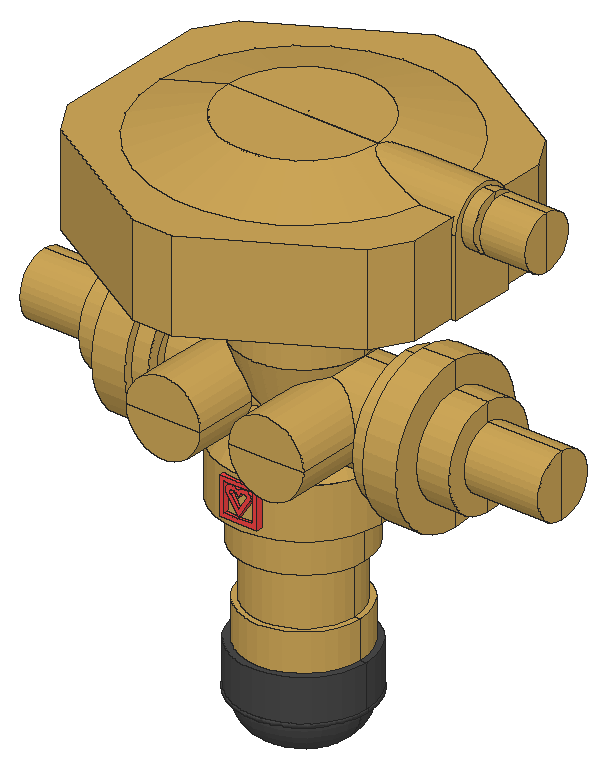
Revit family "Kombiventil 4006_R", category Rohrzubehör, Revit 2021
Family settings
  Bemaßung runder Anschluss = Durchmesser verwenden
  Teiletyp = Unterbricht
  OmniClass-Nummer = 23.65.55.14
  OmniClass-Titel = Valves for Liquid Services
  Arbeitsebenenbasiert = Nein
  Immer vertikal = Ja
  Beim Laden mit Abzugskörper schneiden = Nein
  Gemeinsam genutzt = Nein
Parameters
  kvs-Wert [instance] = if(Nennweite = 15.000 mm, 1.01, if(Nennweite = 20.000 mm, 2, if(Nennweite = 25.000 mm, 3.26, if(Nennweite = 32.000 mm, 5.59, if(Nennweite = 40.000 mm, 9.49, if(Nennweite = 50.000 mm, 9.17, 0))))))  # 1.01
  Vorgabe-Ansicht = 0.000 mm
  Min. Betriebstemperatur (Frostschutz) = -20 °C  # constant formula
  Max. Betriebstemperatur bis DN32 = 130 °C  # constant formula
  Max. Betriebstemperatur ab DN40 = 110 °C  # constant formula
  Max. Betriebsdruck = 1600000.0 Pa  # constant formula
  VRL04 = 8.000 mm  # constant formula
  VRL03 [instance] = L01 + 4.000 mm  # 12.000 mm
  VRL02 = 18.000 mm  # constant formula
  VRL01 [instance] = size_lookup("4006R_", "VRL1", 30.000 mm, Nennweite)  # 30.000 mm
  URL = "www.herz-armaturen.at"
  Stift = "Edelstahl 14301"  # constant formula
  SCRNSEQ = "ARM;ARM_TYP=\"DURR\";2"
  SCRNCODE = "05;04;02"  # constant formula
  S05 [instance] = VRL01  # 30.000 mm
  S04 [instance] = H08 + (S03 / 2)  # 45.750 mm
  S03 [instance] = H09 + 4.700 mm  # 26.500 mm
  S02 [instance] = VRD01 * 2  # 36.400 mm
  S01 [instance] = 10.000 mm  # constant formula
  R12 = 3.900 mm  # constant formula
  R11 = 6.500 mm  # constant formula
  R10 = 35.000 mm  # constant formula
  R09 = 18.250 mm  # constant formula
  R08 = 11.300 mm  # constant formula
  R07 [instance] = size_lookup("4006R_", "R7", 17.300 mm, Nennweite)  # 17.300 mm
  R06 [instance] = size_lookup("4006R_", "R6", 19.000 mm, Nennweite)  # 19.000 mm
  R05 = 15.000 mm  # constant formula
  R04 = 12.500 mm  # constant formula
  R02 [instance] = size_lookup("4006R_", "R2", 15.000 mm, Nennweite)  # 15.000 mm
  R01 [instance] = size_lookup("4006R_", "R1", 11.500 mm, Nennweite)  # 11.500 mm
  PN = 16  # constant formula
  O-Ringe = "EPDM"  # constant formula
  Nennweite [instance] = 15.000 mm
  Min. Betriebstemperatur (reines Wasser) = 2 °C  # constant formula
  Membrangehäuse = "Messing CW602N"  # constant formula
  Membrane = "EPDM"  # constant formula
  Medium = "Heizungswasserqualität nach ÖNORM H 5195 oder VDI-Richtline 2035.\r\nDie Verwendung von Ethylen- oder\nPropylenglykol in einem Mischungsverhältnis 25 - 50% ist zulässig."
  L06 [instance] = L00 / 2  # 33.000 mm
  L05 = 11.000 mm  # constant formula
  L04 = 1.500 mm  # constant formula
  L03 = 3.200 mm  # constant formula
  L02 = 43.500 mm  # constant formula
  L01 [instance] = size_lookup("4006R_", "L1", 8.000 mm, Nennweite)  # 8.000 mm
  L00 [instance] = size_lookup("4006R_", "L", 66.000 mm, Nennweite)  # 66.000 mm
  Impulsleitung = "Kupfer Cu-DHP (CW024A)"  # constant formula
  Hub = 4.000 mm  # constant formula
  Hersteller = "HERZ Armaturen Ges.m.b.H."  # constant formula
  H13 [instance] = H02 - H05 - H03 - H04 - 2.000 mm  # 21.700 mm
  H12 = 19.250 mm  # constant formula
  H11 [instance] = size_lookup("4006R_", "H11", 59.000 mm, Nennweite)  # 59.000 mm
  H10 [instance] = H08 + H09  # 54.300 mm
  H09 = 21.800 mm  # constant formula
  H08 [instance] = H01 + H06 + H07  # 32.500 mm
  H07 = 4.000 mm  # constant formula
  H06 [instance] = size_lookup("4006R_", "H6", 10.000 mm, Nennweite)  # 10.000 mm
  H05 = 9.000 mm  # constant formula
  H04 [instance] = size_lookup("4006R_", "H4", 9.600 mm, Nennweite)  # 9.600 mm
  H03 [instance] = size_lookup("4006R_", "H3", 13.000 mm, Nennweite)  # 13.000 mm
  H02 [instance] = size_lookup("4006R_", "H2", 55.300 mm, Nennweite)  # 55.300 mm
  H01 [instance] = size_lookup("4006R_", "H1", 18.500 mm, Nennweite)  # 18.500 mm
  Gehäuse = "DZR Messing CC770S"  # constant formula
  VRG03 [instance] = Nennweite / 2  # 7.500 mm
  G02 [instance] = size_lookup("4006R_", "G2", 13.900 mm, Nennweite)  # 13.900 mm
  G01 [instance] = size_lookup("4006R_", "G1", 13.200 mm, Nennweite)  # 13.200 mm
  Durchfluss bei Einstellung 100% [instance] = if(Nennweite = 15.000 mm, 0.12 L/s, if(Nennweite = 20.000 mm, 0.25 L/s, if(Nennweite = 25.000 mm, 0.53 L/s, if(Nennweite = 32.000 mm, 0.69 L/s, if(Nennweite = 40.000 mm, 1.44 L/s, if(Nennweite = 50.000 mm, 1.34 L/s, 0.0 L/s))))))  # 0.12 L/s
  Druckfeder = "Federstahl"  # constant formula
  DN50 [instance] = Nennweite = 50.000 mm  # no
  DN40 [instance] = Nennweite = 40.000 mm  # no
  DN32 [instance] = Nennweite = 32.000 mm  # no
  DN25 [instance] = Nennweite = 25.000 mm  # no
  DN20 [instance] = Nennweite = 20.000 mm  # no
  DN15 [instance] = Nennweite = 15.000 mm  # yes
  VRD03 [instance] = VRG03 + 4.500 mm  # 12.000 mm
  VRD02 [instance] = G01 + 3.000 mm  # 16.200 mm
  VRD01 [instance] = G01 + 5.000 mm  # 18.200 mm
  Bestellnummer Verschraubung [instance] = size_lookup("4006R_", "Vrnr", 0, Nennweite)  # 1621011
  Bestellnummer [instance] = size_lookup("4006R_", "Artnr", 0, Nennweite)  # 1400641
  Bauschutzkappe = "Kunststoff"  # constant formula
  Anwendungsgebiet = "Das Kombiventil wird in allen pumpenbetriebenen Heiz- und Kühlanlagen eingesetzt. Der Regler begrenzt automatisch\r\nden Volumenstrom im gewählten Anlagenteil auf den einmal eingestellten Wert, indem alle Druckschwankungen\r\ngemessen und ausgeregelt werden. Somit sind keine Messungen erforderlich und die Regelung ist bei allen\r\nBetriebsbedingungen effektiv. Das Kombiventil regelt den Volumenstrom der ventileigenen Voreinstellung auf einen\r\nkonstanten Wert; die Membran regelt aufgrund des Druckes unmittelbar nach dem Regeleinsatz, sowie des Druckes\r\ndavor."
Reference planes
  plane 1 "Mitte (Vorne/hinten)": y = 0
  plane 2: z = 0
  plane 3 "Mitte (Links/rechts)": x = 0
Forms (mm)
  Revolve 1, solid, material "Messing, weicher Gelbton, geschweißt", detail levels fine
    sketch origin (0, 0, 0) x (1, 0, 0) y (0, 0, 1)
      loop
        line (-33, 0) -> (33, 0) -> (33, 13.2) -> (25, 13.2) -> (25, 11.5) -> (-25, 11.5) -> (-25, 13.2) -> (-33, 13.2) -> (-33, 0)
      axis (-33, 0) -> (33, 0)
    angle from 0 to 360
  Revolve 2, solid, material "Messing, weicher Gelbton, geschweißt", detail levels fine
    sketch origin (0, 0, 0) x (1, 0, 0) y (0, 0, 1)
      loop
        line (0, -55.3) -> (0, 18.5) -> (-15, 18.5) -> (-15, 11.5) -> (-11.5, 0) -> (-19, -11.5) -> (-19, -23.7) -> (-15, -23.7) -> (-15, -33.3) -> (-12.5, -33.3) -> (-12.5, -46.3) -> (-13.9, -46.3) -> (-13.9, -55.3) -> (0, -55.3)
      axis (0, 18.5) -> (0, -55.3)
    angle from 0 to 360
  Revolve 3, solid, material "Messing, weicher Gelbton, geschweißt", detail levels fine
    sketch origin (0, 0, 0) x (1, 0, 0) y (0, 0, 1)
      loop
        line (0, 18.5) -> (0, 32.5) -> (-11.3, 32.5) -> (-11.3, 28.5) -> (-17.3, 28.5) -> (-17.3, 18.5) -> (0, 18.5)
      axis (0, 32.5) -> (0, 18.5)
    angle from 0 to 360
  Extrusion 4, solid, material "Messing, weicher Gelbton, geschweißt", detail levels fine
    sketch origin (0, 0, 0) x (0, -1, 0) y (1, 0, 0)
      loop
        line (-46, -4.75) -> (-27.114, -37.462) -> (-18.886, -42.212) -> (18.886, -42.212) -> (27.114, -37.462) -> (46, -4.75) -> (46, 4.75) -> (27.114, 37.462) -> (18.886, 42.212) -> (-18.886, 42.212) -> (-27.114, 37.462) -> (-46, 4.75) -> (-46, -4.75)
    from 32.5 to 54.3
  Revolve 5, solid, material "Messing, weicher Gelbton, geschweißt", detail levels fine
    sketch origin (0, 0, 0) x (1, 0, 0) y (0, 0, 1)
      loop
        line (0, 54.3) -> (0, 59) -> (-18.25, 59) -> (-35, 54.3) -> (0, 54.3)
      axis (0, 59) -> (0, 54.3)
    angle from 0 to 360
  Extrusion 6, solid, material "Messing, weicher Gelbton, geschweißt", detail levels fine
    sketch origin (0, 0, 0) x (0, 1, 0) y (0, 0, 1)
      loop
        arc (7.85, 51.15) -> (0, 59) -> (-7.85, 51.15) r 7.85
        line (-7.85, 51.15) -> (-7.85, 32.5) -> (7.85, 32.5) -> (7.85, 51.15)
    from 0 to 43.5
  Revolve 7, solid, material "Messing, weicher Gelbton, geschweißt", detail levels fine
    sketch origin (0, 0, 0) x (1, 0, 0) y (0, 0, 1)
      loop
        line (43.5, 51.75) -> (59.2, 51.75) -> (59.2, 58.25) -> (48.2, 58.25) -> (48.2, 55.65) -> (46.7, 55.65) -> (46.7, 58.25) -> (43.5, 58.25) -> (43.5, 51.75)
      axis (43.5, 51.75) -> (59.2, 51.75)
    angle from 0 to 360
  Revolve 8, solid, material "Messing, weicher Gelbton, geschweißt", visible <- "DN15", detail levels fine
    sketch origin (0, 0, 0) x (1, 0, 0) y (0, 1, 0)
      loop
        line (-12.5, 24) -> (-20.2, 24) -> (-20.2, 0) -> (-21.5, 0) -> (-21.5, -27) -> (-12.5, -27) -> (-12.5, 24)
      axis (-12.5, 24) -> (-12.5, -27)
    angle from 0 to 360
  Revolve 9, solid, material "Messing, weicher Gelbton, geschweißt", visible <- "DN15", detail levels fine
    sketch origin (-12.5, 0, 0) x (0, 1, 0) y (0, 0, 1)
      loop
        line (24, 0) -> (39.7, 0) -> (39.7, 6.5) -> (28.7, 6.5) -> (28.7, 3.9) -> (27.2, 3.9) -> (27.2, 6.5) -> (24, 6.5) -> (24, 0)
      axis (24, 0) -> (39.7, 0)
    angle from 0 to 360
  Revolve 10, solid, material "Messing, weicher Gelbton, geschweißt", visible <- "DN15", detail levels fine
    sketch origin (0, 0, 0) x (1, 0, 0) y (0, 1, 0)
      loop
        line (12.5, 0) -> (12.5, -27) -> (21.6, -27) -> (21.6, 0) -> (12.5, 0)
      axis (12.5, 0) -> (12.5, -27)
    angle from 0 to 360
  Revolve 11, solid, material "Messing, weicher Gelbton, geschweißt", visible <- "DN20", detail levels fine
    sketch origin (-2, 0, 0) x (1, 0, 0) y (0, 1, 0)
      loop
        line (-12.5, 27) -> (-20.2, 27) -> (-20.2, 0) -> (-21.5, 0) -> (-21.5, -29) -> (-12.5, -29) -> (-12.5, 27)
      axis (-12.5, 27) -> (-12.5, -29)
    angle from 0 to 360
  Revolve 12, solid, material "Messing, weicher Gelbton, geschweißt", visible <- "DN20", detail levels fine
    sketch origin (2, 0, 0) x (1, 0, 0) y (0, 1, 0)
      loop
        line (12.5, 0) -> (12.5, -29) -> (21.6, -29) -> (21.6, 0) -> (12.5, 0)
      axis (12.5, 0) -> (12.5, -29)
    angle from 0 to 360
  Revolve 13, solid, material "Messing, weicher Gelbton, geschweißt", visible <- "DN20", detail levels fine
    sketch origin (-14.5, 3, 0) x (0, 1, 0) y (0, 0, 1)
      loop
        line (24, 0) -> (39.7, 0) -> (39.7, 6.5) -> (28.7, 6.5) -> (28.7, 3.9) -> (27.2, 3.9) -> (27.2, 6.5) -> (24, 6.5) -> (24, 0)
      axis (24, 0) -> (39.7, 0)
    angle from 0 to 360
  Revolve 14, solid, material "Messing, weicher Gelbton, geschweißt", visible <- "DN25", detail levels fine
    sketch origin (-2.1, 0, 0) x (1, 0, 0) y (0, 1, 0)
      loop
        line (-12.5, 27) -> (-20.2, 27) -> (-20.2, 0) -> (-21.5, 0) -> (-21.5, -29) -> (-12.5, -29) -> (-12.5, 27)
      axis (-12.5, 27) -> (-12.5, -29)
    angle from 0 to 360
  Revolve 15, solid, material "Messing, weicher Gelbton, geschweißt", visible <- "DN25", detail levels fine
    sketch origin (-14.6, 3, 0) x (0, 1, 0) y (0, 0, 1)
      loop
        line (24, 0) -> (39.7, 0) -> (39.7, 6.5) -> (28.7, 6.5) -> (28.7, 3.9) -> (27.2, 3.9) -> (27.2, 6.5) -> (24, 6.5) -> (24, 0)
      axis (24, 0) -> (39.7, 0)
    angle from 0 to 360
  Revolve 16, solid, material "Messing, weicher Gelbton, geschweißt", visible <- "DN25", detail levels fine
    sketch origin (2.1, 0, 0) x (1, 0, 0) y (0, 1, 0)
      loop
        line (12.5, 0) -> (12.5, -29) -> (21.6, -29) -> (21.6, 0) -> (12.5, 0)
      axis (12.5, 0) -> (12.5, -29)
    angle from 0 to 360
  Revolve 17, solid, material "Messing, weicher Gelbton, geschweißt", visible <- "DN32", detail levels fine
    sketch origin (0, 0, 0.637) x (1, 0, 0) y (0, 0, 1)
      loop
        line (-31.5, -0.637) -> (-40.5, -0.637) -> (-40.5, -43.437) -> (-31.5, -43.437) -> (-31.5, -0.637)
      axis (-31.5, -43.437) -> (-31.5, -0.637)
    angle from 0 to 360
  Revolve 18, solid, material "Messing, weicher Gelbton, geschweißt", visible <- "DN32", detail levels fine
    sketch origin (0, 0, 0.637) x (-1, 0, 0) y (0, 0, 1)
      loop
        line (-31.5, -0.637) -> (-40.5, -0.637) -> (-40.5, -43.437) -> (-31.5, -43.437) -> (-31.5, -0.637)
      axis (-31.5, -43.437) -> (-31.5, -0.637)
    angle from 0 to 360
  Revolve 19, solid, material "Messing, weicher Gelbton, geschweißt", visible <- "DN40", detail levels fine
    sketch origin (0, 0, 0) x (1, 0, 0) y (0, 0, 1)
      loop
        line (-37, 0) -> (-46, 0) -> (-46, -54.2) -> (-37, -54.2) -> (-37, 0)
      axis (-37, 0) -> (-37, -54.2)
    angle from 0 to 360
  Revolve 20, solid, material "Messing, weicher Gelbton, geschweißt", visible <- "DN40", detail levels fine
    sketch origin (0, 0, 0) x (-1, 0, 0) y (0, 0, 1)
      loop
        line (-37, 0) -> (-46, 0) -> (-46, -54.2) -> (-37, -54.2) -> (-37, 0)
      axis (-37, 0) -> (-37, -54.2)
    angle from 0 to 360
  Revolve 21, solid, material "Messing, weicher Gelbton, geschweißt", visible <- "DN50", detail levels fine
    sketch origin (-0.1, 0, 0) x (1, 0, 0) y (0, 0, 1)
      loop
        line (-37, 0) -> (-46, 0) -> (-46, -54.2) -> (-37, -54.2) -> (-37, 0)
      axis (-37, 0) -> (-37, -54.2)
    angle from 0 to 360
  Revolve 22, solid, material "Messing, weicher Gelbton, geschweißt", visible <- "DN50", detail levels fine
    sketch origin (0.1, 0, 0) x (-1, 0, 0) y (0, 0, 1)
      loop
        line (-37, 0) -> (-46, 0) -> (-46, -54.2) -> (-37, -54.2) -> (-37, 0)
      axis (-37, 0) -> (-37, -54.2)
    angle from 0 to 360
  Revolve 23, solid, material "Messing, weicher Gelbton, geschweißt", detail levels fine
    sketch origin (-97.028, 0, 0) x (1, 0, 0) y (0, 0, 1)
      loop
        line (130.028, 0) -> (160.028, 0) -> (160.028, 7.5) -> (142.028, 7.5) -> (142.028, 12) -> (134.028, 12) -> (134.028, 18.2) -> (126.028, 18.2) -> (126.028, 16.2) -> (122.028, 16.2) -> (122.028, 13.2) -> (130.028, 13.2) -> (130.028, 0)
      axis (122.028, 0) -> (160.028, 0)
    angle from 0 to 360
  Revolve 24, solid, material "Messing, weicher Gelbton, geschweißt", detail levels fine
    sketch origin (97.028, 0, 0) x (-1, 0, 0) y (0, 0, 1)
      loop
        line (130.028, 0) -> (160.028, 0) -> (160.028, 7.5) -> (142.028, 7.5) -> (142.028, 12) -> (134.028, 12) -> (134.028, 18.2) -> (126.028, 18.2) -> (126.028, 16.2) -> (122.028, 16.2) -> (122.028, 13.2) -> (130.028, 13.2) -> (130.028, 0)
      axis (122.028, 0) -> (160.028, 0)
    angle from 0 to 360
  Revolve 25, solid, material "Messing, weicher Gelbton, geschweißt", visible <- "DN32", detail levels fine
    sketch origin (-9.5, 0, 0) x (1, 0, 0) y (0, 1, 0)
      loop
        line (-12.5, -31) -> (-12.5, 0) -> (-20.2, 0) -> (-20.2, -31) -> (-12.5, -31)
      axis (-12.5, 0) -> (-12.5, -31)
    angle from 0 to 360
  Revolve 26, solid, material "Messing, weicher Gelbton, geschweißt", visible <- "DN32", detail levels fine
    sketch origin (-22, -7, 0) x (0, -1, 0) y (0, 0, -1)
      loop
        line (24, 0) -> (24, -6.5) -> (27.2, -6.5) -> (27.2, -3.9) -> (28.7, -3.9) -> (28.7, -6.5) -> (39.7, -6.5) -> (39.7, 0) -> (24, 0)
      axis (24, 0) -> (39.7, 0)
    angle from 0 to 360
  Revolve 27, solid, material "Messing, weicher Gelbton, geschweißt", visible <- "DN40", detail levels fine
    sketch origin (-17.5, 0, 0) x (1, 0, 0) y (0, 1, 0)
      loop
        line (-12.5, -39.5) -> (-12.5, 0) -> (-20.2, 0) -> (-20.2, -39.5) -> (-12.5, -39.5)
      axis (-12.5, 0) -> (-12.5, -39.5)
    angle from 0 to 360
  Revolve 28, solid, material "Messing, weicher Gelbton, geschweißt", visible <- "DN40", detail levels fine
    sketch origin (-30, -15.5, 0) x (0, -1, 0) y (0, 0, -1)
      loop
        line (24, 0) -> (24, -6.5) -> (27.2, -6.5) -> (27.2, -3.9) -> (28.7, -3.9) -> (28.7, -6.5) -> (39.7, -6.5) -> (39.7, 0) -> (24, 0)
      axis (24, 0) -> (39.7, 0)
    angle from 0 to 360
  Revolve 29, solid, material "Messing, weicher Gelbton, geschweißt", visible <- "DN50", detail levels fine
    sketch origin (-17.6, 0, 0) x (1, 0, 0) y (0, 1, 0)
      loop
        line (-12.5, -39.5) -> (-12.5, 0) -> (-20.2, 0) -> (-20.2, -39.5) -> (-12.5, -39.5)
      axis (-12.5, 0) -> (-12.5, -39.5)
    angle from 0 to 360
  Revolve 30, solid, material "Messing, weicher Gelbton, geschweißt", visible <- "DN50", detail levels fine
    sketch origin (-30.1, -15.5, 0) x (0, -1, 0) y (0, 0, -1)
      loop
        line (24, 0) -> (24, -6.5) -> (27.2, -6.5) -> (27.2, -3.9) -> (28.7, -3.9) -> (28.7, -6.5) -> (39.7, -6.5) -> (39.7, 0) -> (24, 0)
      axis (24, 0) -> (39.7, 0)
    angle from 0 to 360
Lines and regions (mm)
  model lines, detail levels coarse+medium
    curve 1: line (33, -18.2, 0) -> (33, 18.2, 0)
    curve 2: line (33, 18.2, 0) -> (-33, -18.2, 0)
    curve 3: line (-33, -18.2, 0) -> (-33, 18.2, 0)
    curve 4: line (-33, 18.2, 0) -> (33, -18.2, 0)
    curve 5: line (0, -18.5, 0) -> (0, -32.5, 0)
    curve 6: spline (-43.5, -45.75, 0) -> (-42.018, -42.321, 0) -> (-37.672, -39.125, 0) -> (-30.759, -36.381, 0) -> (-21.75, -34.275, 0) -> (-11.259, -32.951, 0) -> (0, -32.5, 0) -> (11.259, -32.951, 0) -> (21.75, -34.275, 0) -> (30.759, -36.381, 0) -> (37.672, -39.125, 0) -> (42.018, -42.321, 0) -> (43.5, -45.75, 0) -> (42.018, -49.179, 0) -> (37.672, -52.375, 0) -> (30.759, -55.119, 0) -> (21.75, -57.225, 0) -> (11.259, -58.549, 0) -> (0, -59, 0) -> (-11.259, -58.549, 0) -> (-21.75, -57.225, 0) -> (-30.759, -55.119, 0) -> (-37.672, -52.375, 0) -> (-42.018, -49.179, 0) -> (-43.5, -45.75, 0)
    curve 7: line (-33, 0, 18.2) -> (-33, 0, -18.2)
    curve 8: line (-33, 0, -18.2) -> (33, 0, 18.2)
    curve 9: line (33, 0, 18.2) -> (33, 0, -18.2)
    curve 10: line (33, 0, -18.2) -> (-33, 0, 18.2)
    curve 11: line (0, 0, 18.5) -> (0, 0, 32.5)
    curve 12: spline (-43.5, 0, 45.75) -> (-42.018, 0, 49.179) -> (-37.672, 0, 52.375) -> (-30.759, 0, 55.119) -> (-21.75, 0, 57.225) -> (-11.259, 0, 58.549) -> (0, 0, 59) -> (11.259, 0, 58.549) -> (21.75, 0, 57.225) -> (30.759, 0, 55.119) -> (37.672, 0, 52.375) -> (42.018, 0, 49.179) -> (43.5, 0, 45.75) -> (42.018, 0, 42.321) -> (37.672, 0, 39.125) -> (30.759, 0, 36.381) -> (21.75, 0, 34.275) -> (11.259, 0, 32.951) -> (0, 0, 32.5) -> (-11.259, 0, 32.951) -> (-21.75, 0, 34.275) -> (-30.759, 0, 36.381) -> (-37.672, 0, 39.125) -> (-42.018, 0, 42.321) -> (-43.5, 0, 45.75)
    curve 13: line (0, 0, 18.5) -> (-18.176, 0, 10.024)
    curve 14: line (0, 0, 18.5) -> (17.801, 0, 9.818)
    curve 15: line (33, 0, 18.2) -> (43, 0, 18.2)
    curve 16: line (43, 0, 18.2) -> (33, 0, 0)
    curve 17: line (33, 0, -18.2) -> (43, 0, -18.2)
    curve 18: line (43, 0, -18.2) -> (33, 0, 0)
    curve 19: line (-33, 0, 18.2) -> (-43, 0, 18.2)
    curve 20: line (-43, 0, 18.2) -> (-33, 0, 0)
    curve 21: line (-33, 0, -18.2) -> (-43, 0, -18.2)
    curve 22: line (-43, 0, -18.2) -> (-33, 0, 0)
    curve 23: line (33, 0, 0) -> (63, 0, 0)
    curve 24: line (-33, 0, 0) -> (-63, 0, 0)
    curve 25: line (0, -18.5, 0) -> (-16.5, -9.1, 0)
    curve 26: line (0, -18.5, 0) -> (16.5, -9.1, 0)
    curve 27: line (33, 18.2, 0) -> (43, 18.2, 0)
    curve 28: line (43, 18.2, 0) -> (33, 0, 0)
    curve 29: line (33, -18.2, 0) -> (43, -18.2, 0)
    curve 30: line (43, -18.2, 0) -> (33, 0, 0)
    curve 31: line (-33, 18.2, 0) -> (-43, 18.2, 0)
    curve 32: line (-43, 18.2, 0) -> (-33, 0, 0)
    curve 33: line (-33, -18.2, 0) -> (-43, -18.2, 0)
    curve 34: line (-43, -18.2, 0) -> (-33, 0, 0)
Dimensions and locks
  equal spacing: Revolve 1 sketch curve, plane 3 "Mitte (Links/rechts)", Revolve 1 sketch curve
  "L00": Revolve 1 sketch curve to Revolve 1 sketch curve
  "G01": Revolve 1 sketch curve to Revolve 1 sketch curve  (x2)
  "R01": Revolve 1 sketch curve to Revolve 1 sketch curve
  "L01": Revolve 1 sketch curve to Revolve 1 sketch curve  (x2)
  "H01": Revolve 2 sketch curve to plane 2
  "R01": Revolve 2 sketch curve to plane 2
  "R02": Revolve 2 sketch curve to Revolve 2 sketch curve
  "R01": Revolve 2 sketch curve to Revolve 2 sketch curve
  "H02": plane 2 to Revolve 2 sketch curve
  "G02": plane 3 "Mitte (Links/rechts)" to Revolve 2 sketch curve
  "H05": Revolve 2 sketch curve to Revolve 2 sketch curve
  "R04": Revolve 2 sketch curve to Revolve 2 sketch curve
  "R05": Revolve 2 sketch curve to Revolve 2 sketch curve
  "R06": Revolve 2 sketch curve to Revolve 2 sketch curve
  "R01": plane 2 to Revolve 2 sketch curve
  "H03": Revolve 2 sketch curve to Revolve 2 sketch curve
  "H04": Revolve 2 sketch curve to Revolve 2 sketch curve
  "H01": Revolve 3 sketch curve to plane 2
  "H06": Revolve 3 sketch curve to Revolve 3 sketch curve
  "R07": Revolve 3 sketch curve to Revolve 3 sketch curve
  "H07": Revolve 3 sketch curve to Revolve 3 sketch curve
  "R08": Revolve 3 sketch curve to Revolve 3 sketch curve
  "H08": Extrusion 4 to plane 2
  "H09": Extrusion 4 to Extrusion 4
  "H10": Revolve 5 sketch curve to plane 2
  "H11": Revolve 5 sketch curve to plane 2
  "R09": Revolve 5 sketch curve to Revolve 5 sketch curve
  "R10": Revolve 5 sketch curve to Revolve 5 sketch curve
  "L02": Extrusion 6 to plane 3 "Mitte (Links/rechts)"
  "H08": Extrusion 6 to plane 2
  "H12": Revolve 7 sketch curve to Extrusion 4
  "R11": Revolve 7 sketch curve to Revolve 7 sketch curve  (x2)
  "L03": Revolve 7 sketch curve to Revolve 7 sketch curve
  "L04": Revolve 7 sketch curve to Revolve 7 sketch curve
  "L05": Revolve 7 sketch curve to Revolve 7 sketch curve
  "R12": Revolve 7 sketch curve to Revolve 7 sketch curve
  "R11": Revolve 9 sketch curve to Revolve 9 sketch curve  (x2)
  "L03": Revolve 9 sketch curve to Revolve 9 sketch curve
  "L04": Revolve 9 sketch curve to Revolve 9 sketch curve
  "L05": Revolve 9 sketch curve to Revolve 9 sketch curve
  "R12": Revolve 9 sketch curve to Revolve 9 sketch curve
  "R06": plane 1 "Mitte (Vorne/hinten)" to nested 1
  Revolve 11 sketch curve to plane 1 "Mitte (Vorne/hinten)" = 29.000 mm
  plane 1 "Mitte (Vorne/hinten)" to Revolve 11 sketch curve = 27.000 mm
  Revolve 12 sketch curve to plane 1 "Mitte (Vorne/hinten)" = 29.000 mm
  "R11": Revolve 13 sketch curve to Revolve 13 sketch curve  (x2)
  "L03": Revolve 13 sketch curve to Revolve 13 sketch curve
  "L04": Revolve 13 sketch curve to Revolve 13 sketch curve
  "L05": Revolve 13 sketch curve to Revolve 13 sketch curve
  "R12": Revolve 13 sketch curve to Revolve 13 sketch curve
  "H13": plane 2 to nested 1
  "R11": Revolve 15 sketch curve to Revolve 15 sketch curve  (x2)
  "L03": Revolve 15 sketch curve to Revolve 15 sketch curve
  "L04": Revolve 15 sketch curve to Revolve 15 sketch curve
  "L05": Revolve 15 sketch curve to Revolve 15 sketch curve
  "R12": Revolve 15 sketch curve to Revolve 15 sketch curve
  plane 3 "Mitte (Links/rechts)" to Revolve 17 sketch curve = 31.500 mm
  Revolve 17 sketch curve to Revolve 17 sketch curve = 9.000 mm
  plane 2 to Revolve 17 sketch curve = 42.800 mm
  Revolve 18 sketch curve to Revolve 18 sketch curve = 9.000 mm
  "VRL01": Revolve 23 sketch curve to Revolve 23 sketch curve
  "L01": Revolve 23 sketch curve to Revolve 23 sketch curve
  "G01": Revolve 23 sketch curve to plane 2
  "VRD02": Revolve 23 sketch curve to plane 2
  "VRD01": Revolve 23 sketch curve to plane 2
  "VRG03": Revolve 23 sketch curve to Revolve 23 sketch curve
  "VRL02": Revolve 23 sketch curve to Revolve 23 sketch curve
  "VRD03": Revolve 23 sketch curve to Revolve 23 sketch curve
  "VRL03": Revolve 23 sketch curve to Revolve 23 sketch curve
  "VRL04": Revolve 23 sketch curve to Revolve 23 sketch curve
  "L06": plane 3 "Mitte (Links/rechts)" to Revolve 23 sketch curve
  "VRL01": Revolve 24 sketch curve to Revolve 24 sketch curve
  "L01": Revolve 24 sketch curve to Revolve 24 sketch curve
  "VRG03": Revolve 24 sketch curve to Revolve 24 sketch curve
  "VRL02": Revolve 24 sketch curve to Revolve 24 sketch curve
  "VRD03": Revolve 24 sketch curve to Revolve 24 sketch curve
  "VRL03": Revolve 24 sketch curve to Revolve 24 sketch curve
  "VRL04": Revolve 24 sketch curve to Revolve 24 sketch curve
  "L06": Revolve 24 sketch curve to plane 3 "Mitte (Links/rechts)"
  "H02": plane 2 to nested 2
  "L00": curve 3 to curve 1
  "S02": curve 3 to curve 4
  "S02": curve 4 to curve 2
  equal spacing: curve 3, plane 3 "Mitte (Links/rechts)", curve 1
  equal spacing: curve 3, plane 1 "Mitte (Vorne/hinten)", curve 4
  equal spacing: curve 4, plane 1 "Mitte (Vorne/hinten)", curve 2
  "H08": curve 5 to plane 1 "Mitte (Vorne/hinten)"
  "S04": curve 6 to plane 1 "Mitte (Vorne/hinten)"
  "S03": curve 6 to curve 6
  "L02": curve 6 to plane 3 "Mitte (Links/rechts)" to curve 6
  "S02": curve 10 to curve 8
  "S02": curve 9 to curve 10
  equal spacing: curve 10, plane 2, curve 8
  equal spacing: curve 9, plane 2, curve 10
  "L00": curve 7 to curve 9
  equal spacing: curve 7, plane 3 "Mitte (Links/rechts)", curve 9
  "H08": curve 11 to plane 2
  "S03": curve 12 to curve 12
  "L02": curve 12 to plane 3 "Mitte (Links/rechts)" to curve 12
  "H01": curve 14 to plane 2
  "S01": curve 9 to curve 16
  "S01": curve 9 to curve 18
  "S01": curve 20 to curve 7
  "S01": curve 22 to curve 7
  "S05": curve 23 to Revolve 23
  "S05": Revolve 24 to curve 24
  equal spacing: curve 3, curve 25, plane 3 "Mitte (Links/rechts)"
  equal spacing: plane 3 "Mitte (Links/rechts)", curve 26, curve 1
  "H01": curve 26 to plane 1 "Mitte (Vorne/hinten)"
  "S01": curve 1 to curve 28
  "S01": curve 1 to curve 30
  "S01": curve 32 to curve 3
  "S01": curve 34 to curve 3
  "R11": Revolve 26 sketch curve to Revolve 26 sketch curve  (x2)
  "L03": Revolve 26 sketch curve to Revolve 26 sketch curve
  "L04": Revolve 26 sketch curve to Revolve 26 sketch curve
  "L05": Revolve 26 sketch curve to Revolve 26 sketch curve
  "R12": Revolve 26 sketch curve to Revolve 26 sketch curve
  Revolve 25 sketch curve to Revolve 25 sketch curve = 31.000 mm
  "R11": Revolve 28 sketch curve to Revolve 28 sketch curve  (x2)
  "L03": Revolve 28 sketch curve to Revolve 28 sketch curve
  "L04": Revolve 28 sketch curve to Revolve 28 sketch curve
  "L05": Revolve 28 sketch curve to Revolve 28 sketch curve
  "R12": Revolve 28 sketch curve to Revolve 28 sketch curve
  Revolve 27 sketch curve to Revolve 27 sketch curve = 39.500 mm
  "R11": Revolve 30 sketch curve to Revolve 30 sketch curve  (x2)
  "L03": Revolve 30 sketch curve to Revolve 30 sketch curve
  "L04": Revolve 30 sketch curve to Revolve 30 sketch curve
  "L05": Revolve 30 sketch curve to Revolve 30 sketch curve
  "R12": Revolve 30 sketch curve to Revolve 30 sketch curve
  Revolve 29 sketch curve to Revolve 29 sketch curve = 39.500 mm
  aligned and locked: level to plane 2
Automatic sketch dimensions
  plane 3 "Mitte (Links/rechts)" to Extrusion 4 sketch curve = 4.750 mm  (x2)
  Extrusion 4 sketch curve to plane 1 "Mitte (Vorne/hinten)" = 46.000 mm
  Extrusion 4 sketch curve to plane 1 "Mitte (Vorne/hinten)" = 27.114 mm  (x2)
  Extrusion 4 sketch curve to Extrusion 4 sketch curve = 8.227 mm  (x4)
  plane 1 "Mitte (Vorne/hinten)" to Extrusion 4 sketch curve = 18.886 mm  (x2)
  Extrusion 4 sketch curve to Extrusion 4 sketch curve = 18.886 mm
  Extrusion 4 sketch curve to plane 3 "Mitte (Links/rechts)" = 4.750 mm  (x2)
  Extrusion 4 sketch curve to plane 3 "Mitte (Links/rechts)" = 37.462 mm  (x2)
  Extrusion 4 sketch curve to Extrusion 4 sketch curve = 4.750 mm  (x2)
  plane 3 "Mitte (Links/rechts)" to Extrusion 4 sketch curve = 37.462 mm  (x2)
  Extrusion 6 sketch curve to plane 1 "Mitte (Vorne/hinten)" = 0.000 mm
  plane 1 "Mitte (Vorne/hinten)" to Extrusion 6 sketch curve = 7.850 mm
  level to Extrusion 6 sketch curve = 32.500 mm
  Extrusion 6 sketch curve to Extrusion 6 sketch curve = 18.650 mm
  Extrusion 6 sketch curve to Extrusion 6 sketch curve = 0.000 mm
  plane 1 "Mitte (Vorne/hinten)" to Revolve 8 sketch curve = 0.000 mm
  Revolve 8 sketch curve to plane 3 "Mitte (Links/rechts)" = 21.500 mm
  Revolve 8 sketch curve to plane 3 "Mitte (Links/rechts)" = 20.200 mm
  Revolve 8 sketch curve to Revolve 8 sketch curve = 7.700 mm
  plane 1 "Mitte (Vorne/hinten)" to Revolve 8 sketch curve = 27.000 mm
  Revolve 8 sketch curve to plane 1 "Mitte (Vorne/hinten)" = 24.000 mm
  Revolve 8 sketch curve to Revolve 8 sketch curve = 0.000 mm  (x3)
  plane 1 "Mitte (Vorne/hinten)" to Revolve 10 sketch curve = 0.000 mm  (x2)
  plane 3 "Mitte (Links/rechts)" to Revolve 10 sketch curve = 12.500 mm
  Revolve 10 sketch curve to Revolve 10 sketch curve = 9.100 mm
  plane 1 "Mitte (Vorne/hinten)" to Revolve 10 sketch curve = 27.000 mm
  Revolve 10 sketch curve to Revolve 10 sketch curve = 0.000 mm  (x2)
  plane 1 "Mitte (Vorne/hinten)" to Revolve 11 sketch curve = 0.000 mm
  Revolve 11 sketch curve to plane 3 "Mitte (Links/rechts)" = 23.500 mm
  Revolve 11 sketch curve to plane 3 "Mitte (Links/rechts)" = 22.200 mm
  Revolve 11 sketch curve to Revolve 11 sketch curve = 7.700 mm
  Revolve 11 sketch curve to Revolve 11 sketch curve = 0.000 mm
  Revolve 11 sketch curve to Revolve 11 sketch curve = 2.000 mm
  Revolve 11 sketch curve to Revolve 11 sketch curve = 3.000 mm
  plane 1 "Mitte (Vorne/hinten)" to Revolve 12 sketch curve = 0.000 mm  (x2)
  plane 3 "Mitte (Links/rechts)" to Revolve 12 sketch curve = 14.500 mm
  Revolve 12 sketch curve to Revolve 12 sketch curve = 9.100 mm
  Revolve 12 sketch curve to Revolve 12 sketch curve = 0.000 mm
  Revolve 12 sketch curve to Revolve 12 sketch curve = 2.000 mm
  plane 1 "Mitte (Vorne/hinten)" to Revolve 14 sketch curve = 0.000 mm
  Revolve 14 sketch curve to plane 3 "Mitte (Links/rechts)" = 23.600 mm
  Revolve 14 sketch curve to plane 3 "Mitte (Links/rechts)" = 22.300 mm
  Revolve 14 sketch curve to Revolve 14 sketch curve = 7.700 mm
  plane 1 "Mitte (Vorne/hinten)" to Revolve 14 sketch curve = 29.000 mm
  Revolve 14 sketch curve to Revolve 14 sketch curve = 27.000 mm
  Revolve 14 sketch curve to Revolve 14 sketch curve = 0.000 mm
  Revolve 14 sketch curve to Revolve 14 sketch curve = 2.000 mm
  Revolve 14 sketch curve to Revolve 14 sketch curve = 3.000 mm
  plane 1 "Mitte (Vorne/hinten)" to Revolve 16 sketch curve = 0.000 mm  (x2)
  plane 3 "Mitte (Links/rechts)" to Revolve 16 sketch curve = 14.600 mm
  Revolve 16 sketch curve to Revolve 16 sketch curve = 9.100 mm
  Revolve 16 sketch curve to Revolve 16 sketch curve = 29.000 mm
  Revolve 16 sketch curve to Revolve 16 sketch curve = 0.000 mm
  Revolve 16 sketch curve to Revolve 16 sketch curve = 2.000 mm
  Revolve 17 sketch curve to level = 0.000 mm
  Revolve 17 sketch curve to Revolve 17 sketch curve = 0.000 mm
  Revolve 17 sketch curve to Revolve 17 sketch curve = 4.238 mm
  level to Revolve 17 sketch curve = 0.637 mm
  Revolve 18 sketch curve to level = 0.000 mm
  Revolve 18 sketch curve to plane 3 "Mitte (Links/rechts)" = 40.500 mm
  level to Revolve 18 sketch curve = 42.800 mm
  Revolve 18 sketch curve to Revolve 18 sketch curve = 0.000 mm
  Revolve 18 sketch curve to Revolve 18 sketch curve = 4.238 mm
  Revolve 18 sketch curve to level = 0.637 mm
  Revolve 19 sketch curve to level = 0.000 mm  (x2)
  Revolve 19 sketch curve to plane 3 "Mitte (Links/rechts)" = 46.000 mm
  Revolve 19 sketch curve to Revolve 19 sketch curve = 9.000 mm
  Revolve 19 sketch curve to level = 54.200 mm
  Revolve 19 sketch curve to Revolve 19 sketch curve = 0.000 mm  (x2)
  Revolve 20 sketch curve to level = 0.000 mm  (x2)
  Revolve 20 sketch curve to plane 3 "Mitte (Links/rechts)" = 46.000 mm
  Revolve 20 sketch curve to Revolve 20 sketch curve = 9.000 mm
  level to Revolve 20 sketch curve = 54.200 mm
  Revolve 20 sketch curve to Revolve 20 sketch curve = 0.000 mm  (x2)
  Revolve 21 sketch curve to level = 0.000 mm  (x2)
  Revolve 21 sketch curve to plane 3 "Mitte (Links/rechts)" = 46.100 mm
  Revolve 21 sketch curve to Revolve 21 sketch curve = 9.000 mm
  Revolve 21 sketch curve to Revolve 21 sketch curve = 54.200 mm
  Revolve 21 sketch curve to Revolve 21 sketch curve = 0.000 mm  (x2)
  Revolve 22 sketch curve to level = 0.000 mm  (x2)
  Revolve 22 sketch curve to plane 3 "Mitte (Links/rechts)" = 46.100 mm
  Revolve 22 sketch curve to Revolve 22 sketch curve = 9.000 mm
  Revolve 22 sketch curve to Revolve 22 sketch curve = 54.200 mm
  Revolve 22 sketch curve to Revolve 22 sketch curve = 0.000 mm  (x2)
  plane 1 "Mitte (Vorne/hinten)" to Revolve 25 sketch curve = 0.000 mm  (x2)
  Revolve 25 sketch curve to plane 3 "Mitte (Links/rechts)" = 29.700 mm
  Revolve 25 sketch curve to Revolve 25 sketch curve = 7.700 mm
  Revolve 25 sketch curve to Revolve 25 sketch curve = 0.000 mm
  Revolve 25 sketch curve to Revolve 25 sketch curve = 7.000 mm
  plane 1 "Mitte (Vorne/hinten)" to Revolve 27 sketch curve = 0.000 mm  (x2)
  Revolve 27 sketch curve to plane 3 "Mitte (Links/rechts)" = 37.700 mm
  Revolve 27 sketch curve to Revolve 27 sketch curve = 7.700 mm
  Revolve 27 sketch curve to Revolve 27 sketch curve = 0.000 mm
  Revolve 27 sketch curve to Revolve 27 sketch curve = 15.500 mm
  plane 1 "Mitte (Vorne/hinten)" to Revolve 29 sketch curve = 0.000 mm  (x2)
  Revolve 29 sketch curve to plane 3 "Mitte (Links/rechts)" = 37.800 mm
  Revolve 29 sketch curve to Revolve 29 sketch curve = 7.700 mm
  Revolve 29 sketch curve to Revolve 29 sketch curve = 0.000 mm
  Revolve 29 sketch curve to Revolve 29 sketch curve = 15.500 mm
  curve 24 to level = 0.000 mm
  curve 14 to plane 3 "Mitte (Links/rechts)" = 0.000 mm
  curve 23 to level = 0.000 mm
  curve 18 to level = 18.200 mm
  curve 22 to level = 18.200 mm
  level to curve 15 = 18.200 mm
  level to curve 20 = 18.200 mm
  curve 24 to curve 21 = 20.000 mm
  curve 21 to curve 21 = 10.000 mm
  curve 19 to curve 19 = 10.000 mm
  curve 19 to curve 13 = 14.824 mm
  plane 3 "Mitte (Links/rechts)" to curve 14 = 17.801 mm
  curve 15 to curve 15 = 10.000 mm
  curve 17 to curve 17 = 10.000 mm
  curve 15 to curve 23 = 20.000 mm
  level to curve 14 = 9.818 mm
  level to curve 13 = 10.024 mm
  curve 26 to plane 3 "Mitte (Links/rechts)" = 0.000 mm
  plane 1 "Mitte (Vorne/hinten)" to curve 28 = 0.000 mm
  plane 1 "Mitte (Vorne/hinten)" to curve 32 = 0.000 mm
  Revolve 1 sketch curve to level = 0.000 mm  (x2)
  Revolve 1 sketch curve to Revolve 1 sketch curve = 1473.530 mm
  Revolve 1 sketch curve to Revolve 1 sketch curve = 1806.148 mm
  Revolve 2 sketch curve to level = 0.000 mm
  Revolve 2 sketch curve to plane 3 "Mitte (Links/rechts)" = 0.000 mm  (x2)
  Revolve 2 sketch curve to Revolve 2 sketch curve = 310.745 mm
  Revolve 2 sketch curve to Revolve 2 sketch curve = 2195.815 mm
  Revolve 3 sketch curve to plane 3 "Mitte (Links/rechts)" = 0.000 mm  (x2)
  Revolve 3 sketch curve to level = 366.045 mm
  Revolve 3 sketch curve to Revolve 3 sketch curve = 2178.815 mm
  Revolve 5 sketch curve to plane 3 "Mitte (Links/rechts)" = 0.000 mm  (x2)
  Revolve 5 sketch curve to level = 366.045 mm
  Revolve 5 sketch curve to Revolve 5 sketch curve = 2155.315 mm
  plane 3 "Mitte (Links/rechts)" to Revolve 7 sketch curve = 43.500 mm
  Revolve 7 sketch curve to Revolve 7 sketch curve = 0.000 mm  (x3)
  Revolve 9 sketch curve to level = 0.000 mm  (x2)
  Revolve 9 sketch curve to plane 1 "Mitte (Vorne/hinten)" = 24.000 mm
  Revolve 9 sketch curve to Revolve 9 sketch curve = 0.000 mm  (x2)
  Revolve 13 sketch curve to level = 0.000 mm  (x2)
  Revolve 13 sketch curve to plane 1 "Mitte (Vorne/hinten)" = 27.000 mm
  Revolve 13 sketch curve to Revolve 13 sketch curve = 0.000 mm  (x2)
  Revolve 15 sketch curve to level = 0.000 mm  (x2)
  Revolve 15 sketch curve to plane 1 "Mitte (Vorne/hinten)" = 27.000 mm
  Revolve 15 sketch curve to Revolve 15 sketch curve = 0.000 mm  (x2)
  Revolve 23 sketch curve to level = 0.000 mm  (x2)
  Revolve 23 sketch curve to plane 3 "Mitte (Links/rechts)" = 1603.558 mm
  Revolve 23 sketch curve to Revolve 23 sketch curve = 1682.120 mm
  Revolve 24 sketch curve to level = 0.000 mm  (x2)
  Revolve 24 sketch curve to Revolve 24 sketch curve = 1.200 mm
  Revolve 24 sketch curve to Revolve 24 sketch curve = 3.000 mm
  Revolve 24 sketch curve to Revolve 24 sketch curve = 6.200 mm
  Revolve 24 sketch curve to plane 3 "Mitte (Links/rechts)" = 1603.558 mm
  Revolve 24 sketch curve to Revolve 24 sketch curve = 1682.120 mm
  curve 11 to plane 3 "Mitte (Links/rechts)" = 0.000 mm
  curve 11 to curve 11 = 14.000 mm
  Revolve 26 sketch curve to level = 0.000 mm  (x2)
  plane 1 "Mitte (Vorne/hinten)" to Revolve 26 sketch curve = 31.000 mm
  Revolve 26 sketch curve to Revolve 26 sketch curve = 0.000 mm  (x2)
  Revolve 28 sketch curve to level = 0.000 mm  (x2)
  plane 1 "Mitte (Vorne/hinten)" to Revolve 28 sketch curve = 39.500 mm
  Revolve 28 sketch curve to Revolve 28 sketch curve = 0.000 mm  (x2)
  Revolve 30 sketch curve to level = 0.000 mm  (x2)
  plane 1 "Mitte (Vorne/hinten)" to Revolve 30 sketch curve = 39.500 mm
  Revolve 30 sketch curve to Revolve 30 sketch curve = 0.000 mm  (x2)
Nested families
  nested 1: "Herz-Logo-vorne" at (-0.018, -19, -17.2) x (0, 1, 0) z (0, 0, 1), type "Herz-Logo-vorne", detail levels fine
  nested 2: "Bauschutzkappe für Kombiventil" at (0, 0, -55.3), type "Bauschutzkappe für Kombiventil", detail levels fine
Connectors
  piping at (63, 0, 0), diameter 15, driven by "Nennweite"
    settings: on Revolve 23, index 1, connector inside diameter 609.6 mm, connector length 0.000 mm, flow factor 0, pipe flow 0.0 L/s, pressure drop 0.0 Pa, fitting loss kfactor 0, connector angle 0.00°, fixture units 0, engagement length 0.000 mm, angle of deflection 0.00°, flow configuration 0, flow direction 1, fitting loss method 0, system type 29, joint type 0, gender type 0, connector reference index -1, connector utility 0, adjustable connector no, is connector primary yes, connector description ""
  piping at (-63, 0, 0), diameter 15, driven by "Nennweite"
    settings: on Revolve 24, index 2, connector inside diameter 609.6 mm, connector length 0.000 mm, flow factor 0, pipe flow 0.0 L/s, pressure drop 0.0 Pa, fitting loss kfactor 0, connector angle 0.00°, fixture units 0, engagement length 0.000 mm, angle of deflection 0.00°, flow configuration 0, flow direction 1, fitting loss method 0, system type 29, joint type 0, gender type 0, connector reference index -1, connector utility 0, adjustable connector no, is connector primary no, connector description ""
Definition of nested family "Herz-Logo-vorne"
  Parameters (values of type "Herz-Logo-vorne")
    Default Elevation = 0.000 mm
  Reference planes
    plane 1 "Mitte (Vorne/hinten)": y = 0
    plane 2: z = 0
    plane 3 "Mitte (Links/rechts)": x = 0
  Forms (mm)
    Extrusion 1, solid
      sketch origin (0.732, -0.018, 0.017) x (0, -1, 0) y (0, 0, 1)
        loop
          line (-0.018, -4.517) -> (4.482, -4.517) -> (4.482, 4.483) -> (-4.518, 4.483) -> (-4.518, -4.517) -> (-0.018, -4.517)
        loop
          line (-0.05, -3.48) -> (3.482, -3.48) -> (3.482, 3.483) -> (-3.518, 3.483) -> (-3.518, -3.48) -> (-0.05, -3.48)
        loop
          arc (-0.018, 2.383) -> (-1.543, 3.287) -> (-3.067, 2.383) r 1.738
          arc (-3.067, 2.383) -> (-3.191, 1.899) -> (-3.067, 1.415) r 1.009
          line (-3.067, 1.415) -> (-0.018, -3.281) -> (3.032, 1.415)
          arc (3.032, 1.415) -> (3.156, 1.899) -> (3.032, 2.383) r 1.009
          arc (3.032, 2.383) -> (1.507, 3.287) -> (-0.018, 2.383) r 1.738
        loop
          arc (1.885, 1.272) -> (2.005, 1.675) -> (1.885, 2.079) r 0.74
          arc (1.885, 2.079) -> (1.265, 2.416) -> (0.644, 2.079) r 0.74
          line (0.644, 2.079) -> (-0.018, 0.97) -> (-0.679, 2.079)
          arc (-0.679, 2.079) -> (-1.3, 2.416) -> (-1.921, 2.079) r 0.74
          arc (-1.921, 2.079) -> (-2.04, 1.675) -> (-1.921, 1.272) r 0.74
          line (-1.921, 1.272) -> (-0.018, -1.658) -> (1.885, 1.272)
      from 0 to 1.5
  Dimensions and locks
    aligned and locked: level to plane 2
Definition of nested family "Bauschutzkappe für Kombiventil"
  Parameters (values of type "Bauschutzkappe für Kombiventil")
    Default Elevation = 0.000 mm
  Reference planes
    plane 1 "Mitte (Vorne/hinten)": y = 0
    plane 2: z = 0
    plane 3 "Mitte (Links/rechts)": x = 0
  Forms (mm)
    Revolve 1, solid
      sketch origin (0, 0, 0) x (1, 0, 0) y (0, 0, 1)
        loop
          line (0, 0) -> (-15.5, 0) -> (-15.5, -10.067)
          arc (-15.5, -10.067) -> (-15.733, -10.629) -> (-15.25, -11) r 0.5
          line (-15.25, -11) -> (-14.093, -11)
          arc (-14.093, -11) -> (-11.457, -17.364) -> (-5.093, -20) r 9
          line (-5.093, -20) -> (0, -20) -> (0, 0)
        axis (0, 0) -> (0, -20)
      angle from 0 to 360
  Dimensions and locks
    aligned and locked: level to plane 2
